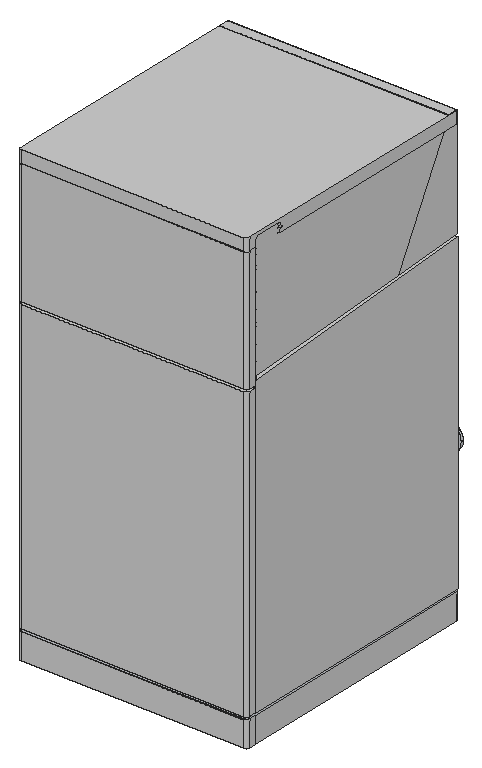
Revit family "Immergas-Ares pro 600", category Attrezzatura meccanica, Revit 2018
Family settings
  Quota connettore circolare = Usa diametro
  Tipo di parte = Normale
  Basato su piano di lavoro = No
  Sempre verticale = Sì
  Taglio con vuoti quando caricato = No
  Condiviso = No
  Punto di calcolo locali = No
Parameters (values of type "Immergas-Ares pro 600")
  yield hvac heating load nominal 30 (%) = 94.82
  yield hvac heating load nominal (%) = 98.24
  cerniere = Immergas - Plastica Nero
  Uniformat code = "D3020"
  Uniformat II Description = "Heat Generating Systems"
  Uniformat = "Heat Generating Systems"
  UDP_88_494_GAS_CONNECTION_DIAMETER = "1.5"
  UDP_334_495_PORTATA_TERMICA = "550"
  Thermal power 80/60°C = 540320 W
  Produttore = "Immergas"
  Product Code = "3.028315"
  Piping volume boiler = 0.425 m³
  Overall Width = 1096 mm
  Overall Height = 2206 mm
  Overall Depth = 1397 mm
  Operating Temperature = 90 °C
  Omniclass Description = "HVAC Specific Products and Equipment"
  Nominal Voltage = 230 V
  Nominal Current = 6 A
  Name BIM&CO = "Caldaia"
  Modello = "Immergas-Ares pro 600"
  Masterformat 2014 Description = "Heating, Ventilating, and Air Conditioning (HVAC)"
  MasterFormat = "23 00 00- Heating, Ventilating, and Air Conditioning (HVAC)"
  Mass = 875.00 kg
  Manufacturer Product Link = "https://www.immergas.com/en/product?title=ARES%20PRO%20600"
  Hydraulic Fittings = 2540 mm
  Hot water flow = 0.0 L/s
  Frequency of use = 50 Hz
  Electric Power = 590 W
  ETIM Note = "Residential heating"
  Dimensions of Piping Connectors = 38.1 mm
  Diameter of fume exhaust = 300 mm
  Case = Immergas - Alluminio
Reference planes
  plane 1 "Centro (Fronte/Retro)": y = 0
  plane 2: z = -20.078
  plane 3 "Centro (Sinistra/Destra)": x = 0
Forms (mm)
  Extrusion 1, solid, material "Immergas - Alluminio" <- "Case"
    sketch origin (-14.211, 126.664, -20.078) x (-1, 0, 0) y (0, -1, 0)
      loop
        arc (-547.211, 514.91) -> (-557.817, 510.516) -> (-562.211, 499.91) r 15
        line (-562.211, 499.91) -> (-562.211, 470.647) -> (-557.211, 470.647) -> (-557.211, 466.702) -> (-562.211, 466.702) -> (-562.211, -738.999)
        arc (-562.211, -738.999) -> (-561.188, -741.468) -> (-558.72, -742.49) r 3.491
        line (-558.72, -742.49) -> (-547.211, -742.49) -> (-547.211, -417.041) -> (517.005, -417.041) -> (517.005, -742.49) -> (530.298, -742.49)
        arc (530.298, -742.49) -> (532.767, -741.468) -> (533.789, -738.999) r 3.491
        line (533.789, -738.999) -> (533.789, 466.702) -> (532.016, 466.702) -> (532.016, 470.647) -> (533.792, 470.647) -> (533.792, 499.91)
        arc (533.792, 499.91) -> (529.398, 510.516) -> (518.792, 514.91) r 15
        line (518.792, 514.91) -> (-547.211, 514.91)
    from 17.666 to 139.711
  Extrusion 2, solid
    sketch origin (-14.211, 126.664, -20.078) x (-1, 0, 0) y (0, -1, 0)
      loop
        arc (530.467, 499.91) -> (527.538, 506.981) -> (520.467, 509.91) r 10
        line (520.467, 509.91) -> (-549.211, 509.91)
        arc (-549.211, 509.91) -> (-556.282, 506.981) -> (-559.211, 499.91) r 10
        line (-559.211, 499.91) -> (-559.211, -742.49) -> (-549.211, -742.49) -> (-549.211, 66.664) -> (518.534, 66.664) -> (518.534, -742.49) -> (530.467, -742.49) -> (530.467, 499.91)
    from 122 to 152.633
  Extrusion 3, solid, material "Immergas - Alluminio" <- "Case"
    sketch origin (-14.211, 126.664, -20.078) x (-1, 0, 0) y (0, -1, 0)
      loop
        arc (-547.211, 514.91) -> (-557.817, 510.516) -> (-562.211, 499.91) r 15
        line (-562.211, 499.91) -> (-562.211, 470.647) -> (-557.211, 470.647) -> (-557.211, 466.702) -> (-562.211, 466.702) -> (-562.211, 461.702) -> (533.792, 461.702) -> (533.792, 466.702) -> (532.016, 466.702) -> (532.016, 470.647) -> (533.792, 470.647) -> (533.792, 499.91)
        arc (533.792, 499.91) -> (529.398, 510.516) -> (518.792, 514.91) r 15
        line (518.792, 514.91) -> (-547.211, 514.91)
    from 152.633 to 1544.248
  Extrusion 4, solid, material "Immergas - Alluminio" <- "Case"
    sketch origin (-14.211, 126.664, -20.078) x (-1, 0, 0) y (0, -1, 0)
      loop
        arc (-547.211, 514.91) -> (-557.817, 510.516) -> (-562.211, 499.91) r 15
        line (-562.211, 499.91) -> (-562.211, 470.647) -> (-557.211, 470.647) -> (-557.211, 466.702) -> (-562.211, 466.702) -> (-562.211, 461.702) -> (533.792, 461.702) -> (533.792, 466.702) -> (532.016, 466.702) -> (532.016, 470.647) -> (533.792, 470.647) -> (533.792, 499.91)
        arc (533.792, 499.91) -> (529.398, 510.516) -> (518.792, 514.91) r 15
        line (518.792, 514.91) -> (-547.211, 514.91)
    from 1556.436 to 2145.498
  Extrusion 5, solid, material "Immergas - Alluminio" <- "Case"
    sketch origin (-14.211, 126.664, -20.078) x (-1, 0, 0) y (0, -1, 0)
      loop
        arc (-547.211, 514.91) -> (-557.817, 510.516) -> (-562.211, 499.91) r 15
        line (-562.211, 499.91) -> (-562.211, -736.619)
        arc (-562.211, -736.619) -> (-561.188, -739.088) -> (-558.72, -740.111) r 3.491
        line (-558.72, -740.111) -> (530.298, -740.111)
        arc (530.298, -740.111) -> (532.767, -739.088) -> (533.789, -736.619) r 3.491
        line (533.789, -736.619) -> (533.789, 466.702) -> (533.789, 499.91)
        arc (533.789, 499.91) -> (529.396, 510.516) -> (518.789, 514.91) r 15
        line (518.789, 514.91) -> (-547.211, 514.91)
    from 2147.195 to 2206
  Extrusion 6, solid
    sketch origin (-14.211, 126.664, 0) x (-1, 0, 0) y (0, -1, 0)
      loop
        arc (313.789, 499.91) -> (310.86, 506.981) -> (303.789, 509.91) r 10
        line (303.789, 509.91) -> (-332.211, 509.91)
        arc (-332.211, 509.91) -> (-339.282, 506.981) -> (-342.211, 499.91) r 10
        line (-342.211, 499.91) -> (-342.211, -254.597) -> (313.789, -254.597) -> (313.789, 499.91)
    from 2125.42 to 2127.118
  Extrusion 7, solid, material "Immergas - Alluminio" <- "Case"
    sketch origin (0, 0, 45.86) x (0, 1, 0) y (0, 0, 1)
      loop
        line (-340.038, 1510.826) -> (-340.038, 86.695) -> (869.154, 86.695) -> (869.154, 1595.381) -> (-340.038, 1510.826)
    from -548 to 548
  Extrusion 8, solid
    sketch origin (0, 0, 0) x (0, 1, 0) y (0, 0, 1)
      loop
        line (859.654, 1640.577) -> (859.654, 1656.861) -> (-335.038, 1573.32) -> (-335.038, 1557.036) -> (859.654, 1640.577)
    from -479.109 to 498
  Extrusion 9, solid, material "Immergas - Alluminio" <- "Case"
    sketch origin (0, 0, 49.139) x (0, 1, 0) y (0, 0, 1)
      loop
        line (817.303, 2136.784) -> (510.506, 1583.307) -> (866.954, 1608.233) -> (866.954, 2136.784) -> (817.303, 2136.784)
    from -548.003 to 548
  Extrusion 10, solid, material "Immergas - Alluminio" <- "Case"
    sketch origin (0, 0, 0) x (0, 1, 0) y (0, 0, 1)
      loop
        line (-335.038, 2172.185) -> (-335.038, 1573.32) -> (510.506, 1632.446) -> (809.688, 2172.185) -> (-335.038, 2172.185)
    from -548.003 to 548
  Extrusion 11, void
    sketch origin (0, 869.154, 180.783) x (0, 0, -1) y (1, 0, 0)
      loop
        line (-379.33, 321) -> (-379.33, -317.276) -> (12.922, -317.276) -> (12.922, 321) -> (-379.33, 321)
    from 0 to 334.754
  Sweep 12, solid
    path origin (-131.154, 0, 221.709) x (1, 0, 0) y (0, 0, 1)
      loop
        circle (-265.104, 1733.679) r 50
    profile origin (-396.259, 0, 1905.388) x (0, 0, 1) y (0, -1, 0)
      loop
        circle (0, -877.045) r 1.307
      loop
        circle (5.49, -877.103) r 1.186
      loop
        circle (11.104, -877.103) r 1.186
      loop
        circle (16.717, -877.103) r 1.186
      loop
        circle (22.33, -877.103) r 1.186
      loop
        circle (27.943, -877.103) r 1.186
      loop
        circle (33.557, -877.103) r 1.186
      loop
        circle (-26.758, -877.045) r 1.307
      loop
        circle (-21.267, -877.103) r 1.186
      loop
        circle (-15.654, -877.103) r 1.186
      loop
        circle (-10.041, -877.103) r 1.186
      loop
        circle (-4.427, -877.103) r 1.186
      loop
        circle (-32.368, -877.045) r 1.307
      loop
        circle (-59.126, -877.045) r 1.307
      loop
        circle (-53.635, -877.103) r 1.186
      loop
        circle (-48.022, -877.103) r 1.186
      loop
        circle (-42.409, -877.103) r 1.186
      loop
        circle (-36.796, -877.103) r 1.186
  Extrusion 13, solid
    sketch origin (-124.821, 0, 220.488) x (1, 0, 0) y (0, 0, 1)
      loop
        line (-173.578, 1802.784) -> (-271.402, 1742.954) -> (-360.903, 1813.585) -> (-280.319, 1735.371) -> (-367.602, 1650.639) -> (-271.402, 1728.443) -> (-183.054, 1656.918) -> (-262.486, 1735.371) -> (-173.578, 1802.784)
    from -869.154 to -875.826
  Extrusion 14, solid
    sketch origin (-205.767, 0, 193.124) x (1, 0, 0) y (0, 0, 1)
      loop
        circle (-131.032, 1386.381) r 70
      loop
        circle (-131.032, 1386.381) r 15
      loop
        circle (-129.157, 1434.247) r 5
      loop
        circle (-76.474, 1388.436) r 5
      loop
        circle (-181.267, 1386.718) r 5
      loop
        circle (-130.302, 1338.617) r 5
    from -1005.577 to -1014.238
  Extrusion 15, solid
    sketch origin (518.671, 0, -713.934) x (1, 0, 0) y (0, 0, 1)
      loop
        circle (-132.798, 1384.482) r 70
      loop
        circle (-132.798, 1384.482) r 15
      loop
        circle (-130.923, 1432.348) r 5
      loop
        circle (-78.241, 1369.268) r 5
      loop
        circle (-183.033, 1384.819) r 5
      loop
        circle (-132.069, 1336.718) r 5
    from -1014.238 to -1007.574
  Extrusion 16, solid
    sketch origin (108.44, 153.823, 90.024) x (1, 0, 0) y (0, 0, 1)
      loop
        circle (277.616, 580.172) r 15
      loop
        circle (-446.256, 1489.726) r 15
    from -860.415 to -705.832
  Extrusion 17, solid
    sketch origin (0, 18.026, -17.655) x (1, 0, 0) y (0, -0.052336, 0.99863)
      loop
        circle (1.317, 333.864) r 150
      loop
        circle (1.317, 333.864) r 140
    from -1023.705 to -263.972
  Extrusion 18, solid, material "Immergas - Plastica Nero" <- "cerniere"
    sketch origin (0, 0, 3.648) x (0, 1, 0) y (0, 0, 1)
      loop
        line (-351.031, 1401.166) -> (-351.031, 1326.081) -> (-326.031, 1326.081) -> (-326.031, 1401.166) -> (-351.031, 1401.166)
      loop
        line (-350.038, 212.633) -> (-350.038, 152.633) -> (-326.031, 152.633) -> (-326.031, 212.633) -> (-350.038, 212.633)
    from -507 to -499.008
  Extrusion 19, solid
    sketch origin (0, 0, -20.078) x (1, 0, 0) y (0, 1, 0)
      loop
        circle (-424.428, 705.318) r 30
      loop
        circle (432.842, 722.148) r 30
      loop
        circle (-434.661, -295.607) r 30
      loop
        circle (438.403, -298.376) r 30
    from 0 to 187.938
Cuts and joins
  Extrusion 11 cuts Extrusion 7
Dimensions and locks
  locked: Extrusion 2 to Extrusion 1 at 12.922
  locked: Extrusion 6 to Extrusion 4 at 1.697
  Extrusion 5 to Extrusion 1 = 2188.334 mm
  level to nested 1 = 1753 mm
  plane 3 "Centro (Sinistra/Destra)" to nested 1 = 200 mm
  Extrusion 1 to nested 2 = 1912.139 mm
  nested 2 to plane 3 "Centro (Sinistra/Destra)" = 200 mm
  Extrusion 9 to Extrusion 6 = 1250.2 mm
  cut or joined group of Extrusion 7, Extrusion 11 to Extrusion 15 = 145.083 mm
  plane 3 "Centro (Sinistra/Destra)" to nested 3 = 336.999 mm
  Extrusion 1 to nested 3 = 1582.28 mm
  nested 4 to plane 3 "Centro (Sinistra/Destra)" = 386 mm
  Extrusion 1 to nested 4 = 673 mm
  radius of Extrusion 19 sketch curve = 30 mm
  aligned and locked: level to plane 2
  aligned and locked: Extrusion 3 to Extrusion 2
  aligned and locked: Extrusion 6 to Extrusion 4
  aligned and locked: Extrusion 5 to Extrusion 6
Nested families
  nested 1: "M_Connettore tubazione - Altro - Apparecchi idraulici" at (200, 866.954, 1732.922) x (0, 0, 1) z (0, 1, 0), type "Standard"
    with Spessore 25.4 mm, Raggio nominale 15 mm, Flusso 0.63 L/s, Diametro nominale 30 mm
  nested 2: "M_Connettore tubazione - Altro - Apparecchi idraulici" at (-200, 866.954, 1909.727) x (0, 0, 1) z (0, 1, 0), type "Standard"
    with Spessore 25.4 mm, Raggio nominale 15 mm, Flusso 0.63 L/s, Diametro nominale 30 mm
  nested 3: "M_Connettore tubazione - Altro - Apparecchi idraulici" at (-336.999, 1014.238, 1579.869) x (1, 0, 0) z (0, 1, 0), type "Standard"
    with Spessore 25.4 mm, Raggio nominale 15 mm, Flusso 0.63 L/s, Diametro nominale 30 mm
  nested 4: "M_Connettore tubazione - Altro - Apparecchi idraulici" at (386, 1014.238, 670.588) x (1, 0, 0) z (0, 1, 0), type "Standard"
    with Spessore 25.4 mm, Raggio nominale 15 mm, Flusso 0.63 L/s, Diametro nominale 30 mm
Connectors
  piping at (-200, 892.354, 1909.727), diameter 12
    settings: on nested 2, index 1, connector inside diameter 609.6 mm, connector length 0 mm, flow factor 0, pipe flow 0.0 L/s, pressure drop 0.0 Pa, fitting loss kfactor 0, connector angle 0.00°, fixture units 0, engagement length 0 mm, angle of deflection 0.00°, flow configuration 0, flow direction 0, fitting loss method 0, system type 22, joint type 0, gender type 0, connector reference index -1, connector utility 0, adjustable connector no, is connector primary yes, connector description "entrata gas"
  piping at (200, 892.354, 1732.922), diameter 12
    settings: on nested 1, index 2, connector inside diameter 609.6 mm, connector length 0 mm, flow factor 0, pipe flow 0.0 L/s, pressure drop 0.0 Pa, fitting loss kfactor 0, connector angle 0.00°, fixture units 0, engagement length 0 mm, angle of deflection 0.00°, flow configuration 0, flow direction 0, fitting loss method 0, system type 22, joint type 0, gender type 0, connector reference index -1, connector utility 0, adjustable connector no, is connector primary no, connector description "attaco vaso di espansione"
  piping at (-336.999, 1039.638, 1579.869), diameter 12
    settings: on nested 3, index 4, connector inside diameter 609.6 mm, connector length 0 mm, flow factor 0, pipe flow 0.0 L/s, pressure drop 0.0 Pa, fitting loss kfactor 0, connector angle 0.00°, fixture units 0, engagement length 0 mm, angle of deflection 0.00°, flow configuration 0, flow direction 0, fitting loss method 0, system type 7, joint type 0, gender type 0, connector reference index -1, connector utility 0, adjustable connector no, is connector primary no, connector description ""
  piping at (386, 1039.638, 670.588), diameter 12
    settings: on nested 4, index 5, connector inside diameter 609.6 mm, connector length 0 mm, flow factor 0, pipe flow 0.0 L/s, pressure drop 0.0 Pa, fitting loss kfactor 0, connector angle 0.00°, fixture units 0, engagement length 0 mm, angle of deflection 0.00°, flow configuration 0, flow direction 0, fitting loss method 0, system type 8, joint type 0, gender type 0, connector reference index -1, connector utility 0, adjustable connector no, is connector primary no, connector description ""
  piping at (-396.164, 869.154, 1953.746), diameter 10
    settings: on Extrusion 13, index 6, connector inside diameter 609.6 mm, connector length 0 mm, flow factor 0, pipe flow 0.0 L/s, pressure drop 0.0 Pa, fitting loss kfactor 0, connector angle 0.00°, fixture units 0, engagement length 0 mm, angle of deflection 0.00°, flow configuration 0, flow direction 0, fitting loss method 0, system type 22, joint type 0, gender type 0, connector reference index -1, connector utility 0, adjustable connector no, is connector primary no, connector description "entrata aria"
  piping at (1.317, 1022.855, 369.328), diameter 10
    settings: on Extrusion 17, index 7, connector inside diameter 609.6 mm, connector length 0 mm, flow factor 0, pipe flow 0.0 L/s, pressure drop 0.0 Pa, fitting loss kfactor 0, connector angle 0.00°, fixture units 0, engagement length 0 mm, angle of deflection 0.00°, flow configuration 0, flow direction 0, fitting loss method 0, system type 22, joint type 0, gender type 0, connector reference index -1, connector utility 0, adjustable connector no, is connector primary no, connector description "uscita fumi"
  electrical at (-0.145, 101.815, -2.412)
    settings: on Extrusion 1, index 8, voltage 0 V, apparent load 0 VA, apparent load phase1 0 VA, apparent load phase2 0 VA, apparent load phase3 0 VA, power factor 1, load classification "Altro", number of poles 1, system type 14, power factor state 1, is connector primary yes, connector utility no, sub classification motor no, connector description ""
Definition of nested family "M_Connettore tubazione - Altro - Apparecchi idraulici"
  Parameters (values of type "Standard")
    WFU = 0
    Raggio nominale [instance] = 15 mm
    Diametro nominale [instance] = Raggio nominale * 2  # 30 mm
    Spessore [instance] = 25.4 mm
    HWFU = 0
    Flusso [instance] = 0.63 L/s
    Default Elevation = 0 mm
    CWFU = 0
  Reference planes
    plane 1 "Centro (Fronte/Retro)": y = 0
    plane 2: z = 0
    plane 3 "Centro (Sinistra/Destra)": x = 0
    plane 4: z = 25.4
  Forms (mm)
    Extrusion 1, solid
      sketch origin (0, 0, 0) x (1, 0, 0) y (0, 1, 0)
        loop
          line (-1219.2, 1219.2) -> (-1219.2, -1219.2) -> (1219.2, -1219.2) -> (1219.2, 1219.2) -> (-1219.2, 1219.2)
      from 0 to -304.8
    Extrusion 2, solid
      sketch origin (0, 0, 0) x (1, 0, 0) y (0, 1, 0)
        loop
          circle (0, 0) r 15
      from 0 to 25.4
  Dimensions and locks
    "Spessore": plane 4 to plane 2
    "Raggio nominale": radius of Extrusion 2 sketch curve
    aligned and locked: plane 2 to Extrusion 1
    aligned and locked: level to Extrusion 1
    aligned and locked: plane 1 "Centro (Fronte/Retro)" to Extrusion 2 sketch curve
    aligned and locked: plane 4 to Extrusion 2
  Automatic sketch dimensions
    Extrusion 1 sketch curve to Extrusion 1 sketch curve = 2438.4 mm  (x2)
    Extrusion 2 sketch curve to plane 3 "Centro (Sinistra/Destra)" = 0 mm
  Connectors
    piping at (0, 0, 25.4), diameter 30, driven by "Raggio nominale", driven by "WFU", driven by "Flusso"
      settings: on Extrusion 2, index 1, connector inside diameter 30 mm, connector length 0 mm, flow factor 0, pipe flow 0.63 L/s, pressure drop 0.0 Pa, fitting loss kfactor 0, connector angle 0.00°, fixture units 0, engagement length 0 mm, angle of deflection 0.00°, flow configuration 1, flow direction 1, fitting loss method 0, system type 22, joint type 0, gender type 0, connector reference index -1, connector utility 0, adjustable connector no, is connector primary yes, connector description ""
